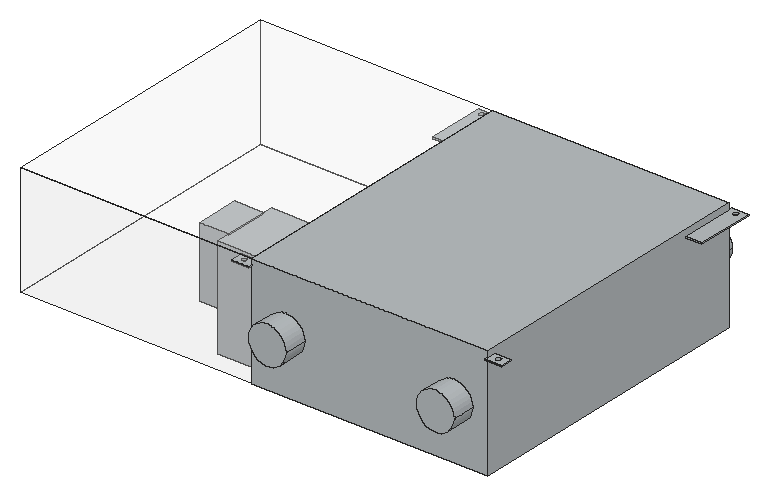
Revit family "2_天井埋込形 標準機種 100-200V_50Hz", category 機械設備, Revit 2019
Family settings
  丸型コネクタ寸法 = 直径を使用
  パーツ タイプ = 割り込み
  OmniClass 番号 = 23.75.10.34.21
  OmniClass タイトル = Heat Exchangers for Ventilation Air
  作業面ベース = いいえ
  常に垂直 = はい
  ロード時にボイドで切り取り = いいえ
  共有 = いいえ
  部屋計算ポイント = はい
Parameters (values of type "LGH-RN15RXV")
  騒音レベル(dB(A)) = 31
  風量 = MAX風量  # 150.0 m³/h
  面風速 = 5.31 m/s
  電源種別 [instance] = "一般"
  電圧 = 100 V
  電動機出力 = 0 W
  集中コントローラ = ""
  運転質量 = 0.00 kg
  連動 [instance] = ""
  質量 = if(製品質量 > 運転質量, 製品質量, 運転質量) * 1.2  # 27.60 kg
  負荷分類 = 3_ファン類
  説明 = "業務用ロスナイ 天井埋込形 DCリプレースマイコン"
  設計風量 = 0.0 m³/h
  設置方法 = "天井吊(隠ぺい)形"
  記号 [instance] = ""
  製造元 = "三菱電機株式会社"
  製品質量 = 23.00 kg
  製品出荷対象 = "国内"
  製品リリース年月 = "2020年7月20日"
  製品グループ = ""
  系統 [instance] = ""
  符号 [instance] = "HEU"
  積算_科目 = "1 空気調和設備"
  積算_拾い区分 [instance] = ""
  相 = 1
  盤記号 [instance] = ""
  発停方法 [instance] = "別売リモコン"
  特殊仕様 [instance] = ""
  点検口高さ = -Height / 2  # -145 mm
  点検口 = yes
  火災停止 [instance] = ""
  温度交換効率_特強 = 74.00%
  温度交換効率_強 = 74.00%
  温度交換効率_弱 = 78.00%
  消費電力 = 85 W
  法定耐用年数 = "15"
  機外静圧_排気 = 210.0 Pa
  機外静圧 = 210.0 Pa
  極数 = 2
  材質 [instance] = ""
  本体マテリアル = 溶融亜鉛めっき鋼板
  操作・制御方式 = ""
  操作・制御スイッチ = ""
  排気量 = 0.0 m³/h
  形式 = "天井埋込ダクト形"
  形名 = LGH-RN-2 : LGH-RN15-2
  幹線記号 [instance] = ""
  対象室 [instance] = ""
  実風量 = 0.0 m³/h
  始動方式 [instance] = "直入"
  外気量 = 設計風量  # 0.0 m³/h
  呼称 = "全熱交換ユニット"
  周波数 = 50 Hz
  吊りボルト-W = 658 mm
  吊りボルト-D = 768 mm
  参照している仕様書等のバージョン = "公共建築工事標準仕様書（機械設備工事編）平成31年度版"
  初期抵抗 = 0.0 Pa
  分類コード = "50052504100070"
  分類グループ = ""
  価格 = 219000
  企業コード = "108420"
  付属品_フィルター_還気 = ""
  付属品_フィルター = ""
  付属品 [instance] = ""
  仕様書バージョン = "Version1.0"
  モデル = "LGH-RN15RXV"
  ドレン管径 = 0 mm
  OAダクト変更表示 = no
  EAダクト変更表示 = no
  サービススペース = yes
  コメント [instance] = ""
  Keynote = ""
  エンタルピ交換効率_暖房_特強 = 75.50%
  エンタルピ交換効率_暖房_強 = 75.50%
  エンタルピ交換効率_暖房_弱 = 79.00%
  エンタルピ交換効率_冷房_特強 = 64.50%
  エンタルピ交換効率_冷房_強 = 64.50%
  エンタルピ交換効率_冷房_弱 = 69.00%
  Width = 610 mm
  Version = ""
  Uniclass2015Version = "Systems v1.9"
  Uniclass2015Title = "Thermal wheels"
  Uniclass2015Code = "Pr_60_60_36_88"
  URL = "https://www.mitsubishielectric.co.jp/ldg/wink/ssl/displayProduct.do?pid=306603"
  SpecificationReference = ""
  SpecificationDescription = ""
  SMAX風量 = 150.0 m³/h
  SMAX静圧 = 210.0 Pa
  SAサイズ_D = 97.5 mm
  Revision = ""
  RAサイズ_D = 97.5 mm
  ProductInformation = ""
  OmniClassCode = "23-27 23 19 11"
  OAサイズ_W = 0 mm
  OAサイズ_D = 97.5 mm
  MIN風量 = 66.0 m³/h
  MIN静圧 = 35.0 Pa
  MID風量 = 108.0 m³/h
  MID静圧 = 93.0 Pa
  MAX風量 = 150.0 m³/h
  MAX静圧 = 180.0 Pa
  M = 59 mm
  IfcTypeProduct = ""
  IfcProduct = ""
  IfcExportType = "ROTARYWHEEL"
  IfcExportAs = "IfcAirToAirHeatRecoveryType"
  Height = 290 mm
  EAサイズ_W = 0 mm
  EAサイズ_D = 97.5 mm
  Depth = 780 mm
  Clearance Top = 0 mm  # constant formula
  Clearance Right = 0 mm  # constant formula
  Clearance Left = 600 mm  # constant formula
  Clearance Front = 0 mm  # constant formula
  Clearance Bottom = 0 mm  # constant formula
  Clearance Back = 0 mm  # constant formula
  Author = "三菱電機株式会社"
Types (14, lengths in mm): name | 騒音レベル(dB(A)) | 風量 | 面風速 | 電圧 | 質量 | 製品質量 | 点検口高さ | 温度交換効率_特強 | 温度交換効率_強 | 温度交換効率_弱 | 消費電力 | 機外静圧_排気 | 機外静圧 | 極数 | 形名 | 吊りボルト-W | 吊りボルト-D | 参照している仕様書等のバージョン | 価格 | モデル | エンタルピ交換効率_暖房_特強 | エンタルピ交換効率_暖房_強 | エンタルピ交換効率_暖房_弱 | エンタルピ交換効率_冷房_特強 | エンタルピ交換効率_冷房_強 | エンタルピ交換効率_冷房_弱 | Width | URL | SMAX風量 | SMAX静圧 | SAサイズ_D | RAサイズ_D | OAサイズ_D | MIN風量 | MIN静圧 | MID風量 | MID静圧 | MAX風量 | MAX静圧 | M | Height | EAサイズ_D | Depth
  LGH-RN15RXV | 31 | 150.0 m³/h | 5.31 m/s | 100 V | 27.60 kg | 23.00 kg | -145 | 74.00% | 74.00% | 78.00% | 85 W | 210.0 Pa | 210.0 Pa | 2 | LGH-RN-2 : LGH-RN15-2 | 658 | 768 | "公共建築工事標準仕様書（機械設備工事編）平成31年度版" | 219000 | "LGH-RN15RXV" | 75.50% | 75.50% | 79.00% | 64.50% | 64.50% | 69.00% | 610 | "https://www.mitsubishielectric.co.jp/ldg/wink/ssl/displayProduct.do?pid=306603" | 150.0 m³/h | 210.0 Pa | 97.5 | 97.5 | 97.5 | 66.0 m³/h | 35.0 Pa | 108.0 m³/h | 93.0 Pa | 150.0 m³/h | 180.0 Pa | 59 | 290 | 97.5 | 780
  LGH-RN15RXVD | 31 | 150.0 m³/h | 5.31 m/s | 200 V | 27.60 kg | 23.00 kg | -145 | 74.00% | 74.00% | 78.00% | 85 W | 210.0 Pa | 210.0 Pa | 3 | LGH-RN-2 : LGH-RN15-2 | 658 | 768 | "公共建築工事標準仕様書（機械設備工事編）平成31年度版" | 219000 | "LGH-RN15RXVD" | 75.50% | 75.50% | 79.00% | 64.50% | 64.50% | 69.00% | 610 | "https://www.mitsubishielectric.co.jp/ldg/wink/ssl/displayProduct.do?pid=306604" | 150.0 m³/h | 210.0 Pa | 97.5 | 97.5 | 97.5 | 66.0 m³/h | 35.0 Pa | 108.0 m³/h | 93.0 Pa | 150.0 m³/h | 180.0 Pa | 59 | 290 | 97.5 | 780
  LGH-RN25RXV | 30 | 250.0 m³/h | 3.93 m/s | 100 V | 28.80 kg | 24.00 kg | -145 | 70.00% | 70.00% | 78.00% | 110 W | 170.0 Pa | 170.0 Pa | 2 | LGH-RN-2 : LGH-RN25-2 | 782 | 768 | "公共建築工事標準仕様書（機械設備工事編）平成31年度版" | 240000 | "LGH-RN25RXV" | 73.00% | 73.00% | 78.50% | 63.00% | 63.00% | 68.50% | 735 | "https://www.mitsubishielectric.co.jp/ldg/wink/ssl/displayProduct.do?pid=306606" | 250.0 m³/h | 170.0 Pa | 142 | 142 | 142 | 110.0 m³/h | 28.0 Pa | 180.0 m³/h | 75.0 Pa | 250.0 m³/h | 145.0 Pa | 69 | 290 | 142 | 780
  LGH-RN25RXVD | 30 | 250.0 m³/h | 3.93 m/s | 200 V | 28.80 kg | 24.00 kg | -145 | 70.00% | 70.00% | 78.00% | 110 W | 170.0 Pa | 170.0 Pa | 3 | LGH-RN-2 : LGH-RN25-2 | 782 | 768 | "公共建築工事標準仕様書（機械設備工事編）平成31年度版" | 240000 | "LGH-RN25RXVD" | 73.00% | 73.00% | 78.50% | 63.00% | 63.00% | 68.50% | 735 | "https://www.mitsubishielectric.co.jp/ldg/wink/ssl/displayProduct.do?pid=306607" | 250.0 m³/h | 170.0 Pa | 142 | 142 | 142 | 110.0 m³/h | 28.0 Pa | 180.0 m³/h | 75.0 Pa | 250.0 m³/h | 145.0 Pa | 69 | 290 | 142 | 780
  LGH-RN35RXV | 33 | 350.0 m³/h | 5.5 m/s | 100 V | 39.60 kg | 33.00 kg | -165 | 71.50% | 71.50% | 75.00% | 210 W | 300.0 Pa | 300.0 Pa | 2 | LGH-RN-2 : LGH-RN35-2 | 921 | 875 | "公共建築工事標準仕様書（機械設備工事編）平成31年度版" | 265000 | "LGH-RN35RXV" | 74.50% | 74.50% | 78.50% | 65.50% | 65.50% | 66.50% | 875 | "https://www.mitsubishielectric.co.jp/ldg/wink/ssl/displayProduct.do?pid=306608" | 350.0 m³/h | 300.0 Pa | 142 | 142 | 142 | 154.0 m³/h | 36.0 Pa | 252.0 m³/h | 96.0 Pa | 350.0 m³/h | 185.0 Pa | 69 | 330 | 142 | 890
  LGH-RN35RXVD | 33 | 350.0 m³/h | 5.5 m/s | 200 V | 39.60 kg | 33.00 kg | -165 | 71.50% | 71.50% | 75.00% | 210 W | 300.0 Pa | 300.0 Pa | 3 | LGH-RN-2 : LGH-RN35-2 | 921 | 875 | "公共建築工事標準仕様書（機械設備工事編）平成31年度版" | 265000 | "LGH-RN35RXVD" | 74.50% | 74.50% | 78.50% | 65.50% | 65.50% | 66.50% | 875 | "https://www.mitsubishielectric.co.jp/ldg/wink/ssl/displayProduct.do?pid=306609" | 350.0 m³/h | 300.0 Pa | 142 | 142 | 142 | 154.0 m³/h | 36.0 Pa | 252.0 m³/h | 96.0 Pa | 350.0 m³/h | 185.0 Pa | 69 | 330 | 142 | 890
  LGH-RN50RXV | 37 | 500.0 m³/h | 4.42 m/s | 100 V | 44.40 kg | 37.00 kg | -165 | 71.00% | 71.00% | 75.00% | 315 W | 310.0 Pa | 310.0 Pa | 2 | LGH-RN-2 : LGH-RN50-2 | 1063 | 875 | "公共建築工事標準仕様書（機械設備工事編）平成31年度版" | 326000 | "LGH-RN50RXV" | 73.00% | 73.00% | 77.50% | 63.00% | 63.00% | 66.50% | 1020 | "https://www.mitsubishielectric.co.jp/ldg/wink/ssl/displayProduct.do?pid=306610" | 500.0 m³/h | 310.0 Pa | 192 | 192 | 192 | 220.0 m³/h | 37.0 Pa | 360.0 m³/h | 98.0 Pa | 500.0 m³/h | 190.0 Pa | 84 | 330 | 192 | 890
  LGH-RN50RXVD | 37 | 500.0 m³/h | 4.42 m/s | 200 V | 44.40 kg | 37.00 kg | -165 | 71.00% | 71.00% | 75.00% | 315 W | 310.0 Pa | 310.0 Pa | 3 | LGH-RN-2 : LGH-RN50-2 | 1063 | 875 | "公共建築工事標準仕様書（機械設備工事編）平成31年度版" | 326000 | "LGH-RN50RXVD" | 73.00% | 73.00% | 77.50% | 63.00% | 63.00% | 66.50% | 1020 | "https://www.mitsubishielectric.co.jp/ldg/wink/ssl/displayProduct.do?pid=306611" | 500.0 m³/h | 310.0 Pa | 192 | 192 | 192 | 220.0 m³/h | 37.0 Pa | 360.0 m³/h | 98.0 Pa | 500.0 m³/h | 190.0 Pa | 84 | 330 | 192 | 890
  LGH-RN65RXV | 40 | 650.0 m³/h | 5.75 m/s | 100 V | 51.60 kg | 43.00 kg | -202 | 71.50% | 71.50% | 76.00% | 445 W | 320.0 Pa | 320.0 Pa | 2 | LGH-RN-2 : LGH-RN65-2 | 1001 | 895 | "公共建築工事標準仕様書（機械設備工事編）平成31年度版" | 436000 | "LGH-RN65RXV" | 72.00% | 72.00% | 76.00% | 63.00% | 63.00% | 67.00% | 892 | "https://www.mitsubishielectric.co.jp/ldg/wink/ssl/displayProduct.do?pid=306612" | 650.0 m³/h | 320.0 Pa | 192 | 192 | 192 | 286.0 m³/h | 45.0 Pa | 468.0 m³/h | 119.0 Pa | 650.0 m³/h | 230.0 Pa | 84 | 404 | 192 | 984
  LGH-RN65RXVD | 40 | 650.0 m³/h | 5.75 m/s | 200 V | 51.60 kg | 43.00 kg | -202 | 71.50% | 71.50% | 76.00% | 445 W | 320.0 Pa | 320.0 Pa | 3 | LGH-RN-2 : LGH-RN65-2 | 1001 | 895 | "公共建築工事標準仕様書（機械設備工事編）平成31年度版" | 436000 | "LGH-RN65RXVD" | 72.00% | 72.00% | 76.00% | 63.00% | 63.00% | 67.00% | 892 | "https://www.mitsubishielectric.co.jp/ldg/wink/ssl/displayProduct.do?pid=306613" | 650.0 m³/h | 320.0 Pa | 192 | 192 | 192 | 286.0 m³/h | 45.0 Pa | 468.0 m³/h | 119.0 Pa | 650.0 m³/h | 230.0 Pa | 84 | 404 | 192 | 984
  LGH-RN80RXV | 40 | 800.0 m³/h | 4.53 m/s | 100 V | 63.60 kg | 53.00 kg | -202 | 73.00% | 73.00% | 76.50% | 540 W | 310.0 Pa | 310.0 Pa | 2 | LGH-RN-2 : LGH-RN80-2 | 1051 | 1131 | "公共建築工事標準仕様書（機械設備工事編）平成31年度版" | 520000 | "LGH-RN80RXV" | 75.00% | 75.00% | 78.00% | 65.00% | 65.00% | 68.00% | 1004 | "https://www.mitsubishielectric.co.jp/ldg/wink/ssl/displayProduct.do?pid=306614" | 800.0 m³/h | 310.0 Pa | 242 | 242 | 242 | 352.0 m³/h | 37.0 Pa | 576.0 m³/h | 98.0 Pa | 800.0 m³/h | 190.0 Pa | 84 | 404 | 242 | 1144
  LGH-RN80RXVD | 40 | 800.0 m³/h | 4.53 m/s | 200 V | 63.60 kg | 53.00 kg | -202 | 73.00% | 73.00% | 76.50% | 540 W | 310.0 Pa | 310.0 Pa | 3 | LGH-RN-2 : LGH-RN80-2 | 1051 | 1131 | "公共建築工事標準仕様書（機械設備工事編）平成31年度版" | 520000 | "LGH-RN80RXVD" | 75.00% | 75.00% | 78.00% | 65.00% | 65.00% | 68.00% | 1004 | "https://www.mitsubishielectric.co.jp/ldg/wink/ssl/displayProduct.do?pid=306615" | 800.0 m³/h | 310.0 Pa | 242 | 242 | 242 | 352.0 m³/h | 37.0 Pa | 576.0 m³/h | 98.0 Pa | 800.0 m³/h | 190.0 Pa | 84 | 404 | 242 | 1144
  LGH-RN100RXV | 38 | 1000.0 m³/h | 5.66 m/s | 100 V | 69.60 kg | 58.00 kg | -202 | 73.00% | 73.00% | 75.00% | 580 W | 225.0 Pa | 225.0 Pa | 2 | LGH-RN-2 : LGH-RN100-2 | 1278 | 1131 | "" | 592000 | "LGH-RN100RXV" | 75.00% | 75.00% | 76.50% | 65.00% | 65.00% | 67.50% | 1231 | "https://www.mitsubishielectric.co.jp/ldg/wink/ssl/displayProduct.do?pid=306600" | 1000.0 m³/h | 225.0 Pa | 242 | 242 | 242 | 440.0 m³/h | 32.0 Pa | 720.0 m³/h | 86.0 Pa | 1000.0 m³/h | 165.0 Pa | 84 | 404 | 242 | 1144
  LGH-RN100RXVD | 38 | 1000.0 m³/h | 5.66 m/s | 200 V | 69.60 kg | 58.00 kg | -202 | 73.00% | 73.00% | 75.00% | 580 W | 225.0 Pa | 225.0 Pa | 3 | LGH-RN-2 : LGH-RN100-2 | 1278 | 1131 | "" | 592000 | "LGH-RN100RXVD" | 75.00% | 75.00% | 76.50% | 65.00% | 65.00% | 67.50% | 1231 | "https://www.mitsubishielectric.co.jp/ldg/wink/ssl/displayProduct.do?pid=306601" | 1000.0 m³/h | 225.0 Pa | 242 | 242 | 242 | 440.0 m³/h | 32.0 Pa | 720.0 m³/h | 86.0 Pa | 1000.0 m³/h | 165.0 Pa | 84 | 404 | 242 | 1144
Reference planes
  plane 1 "中心(正面/背面)": y = 0
  plane 2: z = 0
  plane 3 "中心(左/右)": x = 0
  plane 4 "4": x = 0
  plane 5 "3": x = 0
  plane 6 "左": x = -305
  plane 7 "右": x = 305
  plane 8 "背面": y = 390
  plane 9 "正面": y = -390
  plane 10: z = 145
  plane 11: y = 384
  plane 12: y = -384
  plane 13: x = 329
  plane 14: x = -329
  plane 15: z = -145
  plane 16: y = 390
  plane 17: y = -390
  plane 18: x = 305
  plane 19: x = -905
  plane 20: z = 145
  plane 21: z = -145
  plane 22: y = 225
  plane 23: y = -225
  plane 24: x = -455
Dimensions and locks
  equal spacing: plane 6 "左", plane 5 "3", plane 7 "右"
  "Width": plane 6 "左" to plane 7 "右"
  equal spacing: plane 9 "正面", plane 1 "中心(正面/背面)", plane 8 "背面"
  "Depth": plane 9 "正面" to plane 8 "背面"
  equal spacing: plane 10, level, plane 15
  "Height": plane 10 to plane 15
  equal spacing: plane 14, plane 5 "3", plane 13
  "吊りボルト-W": plane 14 to plane 13
  equal spacing: plane 12, plane 1 "中心(正面/背面)", plane 11
  "吊りボルト-D": plane 12 to plane 11
  "Clearance Front": plane 17 to plane 9 "正面"
  "Clearance Back": plane 8 "背面" to plane 16
  "Clearance Right": plane 7 "右" to plane 18
  "Clearance Left": plane 19 to plane 6 "左"
  "Clearance Bottom": plane 15 to plane 21
  "Clearance Top": plane 20 to plane 10
  plane 17 to plane 9 "正面" = 0 mm
  equal spacing: plane 22, plane 1 "中心(正面/背面)", plane 23
  locked: plane 22 to plane 23 at 450
  locked: plane 19 to plane 24 at 450
  aligned and locked: level to plane 2
  aligned and locked: nested 1 to plane 11
  aligned and locked: plane 12 to nested 1
  aligned and locked: plane 14 to nested 1
  aligned and locked: plane 13 to nested 1
  aligned and locked: plane 10 to nested 2
  aligned and locked: plane 19 to nested 3
  aligned and locked: plane 20 to nested 3
  aligned and locked: plane 21 to nested 3
  aligned and locked: plane 17 to nested 3
  aligned and locked: plane 16 to nested 3
  aligned and locked: plane 6 "左" to nested 3
  aligned and locked: nested 2 to plane 5 "3"
  aligned and locked: plane 1 "中心(正面/背面)" to nested 2
  aligned and locked: plane 24 to nested 4
  aligned and locked: plane 19 to nested 4
  aligned and locked: plane 23 to nested 4
  aligned and locked: plane 22 to nested 4
Nested families
  nested 1: "固定点" at (-329, -384, 0), type "固定点"
    with W 658 mm, D 768 mm
  nested 2: "LGH-RN-2" at (0, 0, -145) x (0, -1, 0) z (0, 0, 1), type <- "形名", type "LGH-RN15-2"
    with EA一般 yes, EA変更 no
  nested 3: "サービススペース" at (-605, 0, 0), visible <- "サービススペース", type "サービススペース"
    with Width 600 mm, Height 290 mm, Depth 780 mm
  nested 4: "点検口設置範囲" at (-680, 0, -145), built-in parameter 1001364 <- "点検口高さ", visible <- "点検口", type "点検口設置範囲"
    with Width 450 mm, Depth 450 mm
Connectors
  hvac at (-217.5, -449, 0), driven by "SAサイズ_D", driven by "機外静圧", driven by "風量"
    settings: on nested 2, index 2, duct flow 150.0 m³/h, flow factor 0, pres drop 210.0 Pa, loss coef 0, conn angle 0.00°, conn width 304.8 mm, conn height 304.8 mm, conn diameter 97.5 mm, duct sys type 1, conn prof type 0, flow config 0, flow direction 2, loss method 4, conn ref index -1, conn util no, is conn primary yes, conn desc ""
  hvac at (217.5, -449, 0), driven by "RAサイズ_D", driven by "機外静圧", driven by "風量"
    settings: on nested 2, index 3, duct flow 150.0 m³/h, flow factor 0, pres drop 210.0 Pa, loss coef 0, conn angle 0.00°, conn width 304.8 mm, conn height 304.8 mm, conn diameter 97.5 mm, duct sys type 2, conn prof type 0, flow config 0, flow direction 1, loss method 4, conn ref index -1, conn util no, is conn primary no, conn desc ""
  hvac at (-217.5, 449, 0), driven by "EAサイズ_D", driven by "機外静圧", driven by "排気量"
    settings: on nested 2, index 4, duct flow 0.0 m³/h, flow factor 0, pres drop 210.0 Pa, loss coef 0, conn angle 0.00°, conn width 304.8 mm, conn height 304.8 mm, conn diameter 97.5 mm, duct sys type 3, conn prof type 0, flow config 0, flow direction 2, loss method 4, conn ref index -1, conn util no, is conn primary no, conn desc ""
  hvac at (-217.5, 449, 0), driven by "OAサイズ_D", driven by "機外静圧", driven by "外気量"
    settings: on nested 2, index 5, duct flow 0.0 m³/h, flow factor 0, pres drop 210.0 Pa, loss coef 0, conn angle 0.00°, conn width 304.8 mm, conn height 304.8 mm, conn diameter 97.5 mm, duct sys type 4, conn prof type 0, flow config 0, flow direction 1, loss method 4, conn ref index -1, conn util no, is conn primary no, conn desc ""
  hvac at (364, 272, 0), driven by "EAサイズ_D", driven by "機外静圧", driven by "排気量"
    settings: on nested 2, index 7, duct flow 0.0 m³/h, flow factor 0, pres drop 210.0 Pa, loss coef 0, conn angle 0.00°, conn width 304.8 mm, conn height 304.8 mm, conn diameter 97.5 mm, duct sys type 3, conn prof type 0, flow config 0, flow direction 2, loss method 4, conn ref index -1, conn util no, is conn primary no, conn desc ""
  hvac at (-364, 272, 0), driven by "OAサイズ_D", driven by "機外静圧", driven by "外気量"
    settings: on nested 2, index 8, duct flow 0.0 m³/h, flow factor 0, pres drop 210.0 Pa, loss coef 0, conn angle 0.00°, conn width 304.8 mm, conn height 304.8 mm, conn diameter 97.5 mm, duct sys type 4, conn prof type 0, flow config 0, flow direction 1, loss method 4, conn ref index -1, conn util no, is conn primary no, conn desc ""
  hvac at (217.5, 449, 0), driven by "EAサイズ_D", driven by "機外静圧", driven by "排気量"
    settings: on nested 2, index 9, duct flow 0.0 m³/h, flow factor 0, pres drop 210.0 Pa, loss coef 0, conn angle 0.00°, conn width 304.8 mm, conn height 304.8 mm, conn diameter 97.5 mm, duct sys type 3, conn prof type 0, flow config 0, flow direction 2, loss method 4, conn ref index -1, conn util no, is conn primary no, conn desc ""
  electrical at (-362.5, -357, -0.5), driven by "極数", driven by "負荷分類", driven by "電圧", driven by "消費電力"
    settings: on nested 2, index 10, voltage 100 V, apparent load 85 VA, apparent load phase1 0 VA, apparent load phase2 0 VA, apparent load phase3 0 VA, power factor 1, load classification "3_ファン類", number of poles 2, system type 30, power factor state 1, is connector primary yes, connector utility no, sub classification motor no, connector description ""
Definition of nested family "LGH-RN-2"
  Parameters (values of type "LGH-RN15-2")
    吊りボルト-φ = 13 mm
    吊りボルト-W1 = 768 mm
    吊りボルト-D1 = 658 mm
    マテリアル = none
    ダクト間 = 435 mm
    ダクト変更位置 = 118 mm
    OA一般 = not(OA変更)  # yes
    OA変更 = no
    EA一般 = not(EA変更)  # no
    EA変更 = yes
    コントロール手前位置 = 33 mm
    コントロール上位置 = 15 mm
    φ = 97.5 mm
    Φ = 110 mm
    吊りボルト-H = 15 mm
    M = 59 mm
    W = 780 mm
    H = 290 mm
    D = 610 mm
    CO2センサー手前位置 = 69 mm
    CO2センサー上位置 = 14 mm
  Types (7, lengths in mm): name | 吊りボルト-W1 | 吊りボルト-D1 | ダクト間 | ダクト変更位置 | コントロール手前位置 | コントロール上位置 | φ | Φ | 吊りボルト-H | M | W | H | D | CO2センサー手前位置 | CO2センサー上位置
    LGH-RN100-2 | 1131 | 1278 | 917 | 165 | 146 | 88 | 242 | 258 | 15 | 84 | 1144 | 404 | 1231 | 182 | 87
    LGH-RN80-2 | 1131 | 1051 | 690 | 165 | 146 | 88 | 242 | 258 | 15 | 84 | 1144 | 404 | 1004 | 182 | 87
    LGH-RN65-2 | 895 | 1001 | 620 | 122 | 71 | 57 | 192 | 208 | 15 | 84 | 984 | 404 | 892 | 107 | 56
    LGH-RN35-2 | 875 | 921 | 600 | 140 | 68 | 23 | 142 | 160 | 19 | 69 | 890 | 330 | 875 | 104 | 22
    LGH-RN25-2 | 768 | 782 | 520 | 118 | 33 | 15 | 142 | 160 | 15 | 69 | 780 | 290 | 735 | 69 | 14
    LGH-RN50-2 | 875 | 1063 | 700 | 130 | 68 | 23 | 192 | 208 | 19 | 84 | 890 | 330 | 1020 | 104 | 22
    LGH-RN15-2 | 768 | 658 | 435 | 118 | 33 | 15 | 97.5 | 110 | 15 | 59 | 780 | 290 | 610 | 69 | 14
  Reference planes
    plane 1 "中心(正面/背面)": y = 0
    plane 2: z = 0
    plane 3 "中心(左/右)": x = 0
    plane 4: y = 305
    plane 5: y = 329
    plane 6: y = 349
    plane 7: y = -305
    plane 8: y = -329
    plane 9: y = -349
    plane 10: x = -390
    plane 11: x = 390
    plane 12: z = 290
    plane 13: x = -213
    plane 14: x = 449
    plane 15: x = -449
    plane 16: z = 145
    plane 17: y = 217.5
    plane 18: y = -217.5
    plane 19: x = -384
    plane 20: x = 384
    plane 21: x = 130
    plane 22: x = -130
    plane 23: y = -420
    plane 24: y = -495
    plane 25: x = 357
    plane 26: x = 381.333
    plane 27: x = 182
    plane 28: z = 241.667
    plane 29: z = 193.333
    plane 30: z = 96.667
    plane 31: z = 48.333
    plane 32: x = 321
    plane 33: x = 208
    plane 34: x = -399
    plane 35: x = 399
    plane 36: x = 369
    plane 37: x = -249
    plane 38: z = 275
    plane 39: z = 272
    plane 40: z = 275
    plane 41: z = 276
    plane 42: z = 94
    plane 43: z = 14
    plane 44: x = -272
    plane 45: y = -364
    plane 46: y = 364
  Forms (mm)
    Extrusion 1, solid, material <- "マテリアル", detail levels fine
      sketch origin (0, 0, 0) x (1, 0, 0) y (0, 1, 0)
        loop
          line (-390, 305) -> (-390, -305) -> (390, -305) -> (390, 305) -> (-390, 305)
      from 0 to 290
    Extrusion 2, solid, material <- "マテリアル", visible <- "OA一般", detail levels fine
      sketch origin (0, 0, 0) x (0, 1, 0) y (0, 0, 1)
        loop
          circle (-217.5, 145) r 48.75
      from -390 to -449
    Extrusion 3, solid, material <- "マテリアル", detail levels fine
      sketch origin (0, 0, 0) x (0, 1, 0) y (0, 0, -1)
        loop
          circle (-217.5, -145) r 48.75
        loop
          circle (217.5, -145) r 48.75
      from -390 to -449
    Extrusion 4, solid, material <- "マテリアル", detail levels fine
      sketch origin (0, 0, 0) x (1, 0, 0) y (0, 0, 1)
        loop
          line (182, 275) -> (182, 14) -> (357, 14) -> (357, 275) -> (182, 275)
      from 305 to 420
    Extrusion 5, solid, material <- "マテリアル", detail levels fine
      sketch origin (0, 0, 0) x (1, 0, 0) y (0, 0, 1)
        loop
          line (208, 276) -> (208, 94) -> (321, 94) -> (321, 276) -> (208, 276)
      from 420 to 495
    Extrusion 6, solid, material <- "マテリアル", detail levels fine
      sketch origin (0, 0, 0) x (1, 0, 0) y (0, 1, 0)
        loop
          line (-399, 349) -> (-399, 305) -> (-249, 305) -> (-249, 349) -> (-399, 349)
        loop
          line (-399, -305) -> (-399, -349) -> (-249, -349) -> (-249, -305) -> (-399, -305)
        loop
          line (369, 349) -> (369, 305) -> (399, 305) -> (399, 349) -> (369, 349)
        loop
          line (369, -349) -> (399, -349) -> (399, -305) -> (369, -305) -> (369, -349)
        loop
          circle (-384, 329) r 6.5
        loop
          circle (384, 329) r 6.5
        loop
          circle (-384, -329) r 6.5
        loop
          circle (384, -329) r 6.5
      from 272 to 275
    Extrusion 7, solid, material <- "マテリアル", visible <- "OA変更", detail levels fine
      sketch origin (0, 0, 0) x (1, 0, 0) y (0, 0, 1)
        loop
          circle (-272, 145) r 48.75
      from 305 to 364
    Extrusion 8, solid, material <- "マテリアル", visible <- "EA変更", detail levels fine
      sketch origin (0, 0, 0) x (1, 0, 0) y (0, 0, -1)
        loop
          circle (-272, -145) r 48.75
      from 305 to 364
    Extrusion 9, solid, material <- "マテリアル", visible <- "EA一般", detail levels fine
      sketch origin (0, 435, 0) x (0, 1, 0) y (0, 0, 1)
        loop
          circle (-217.5, 145) r 48.75
      from -390 to -449
  Dimensions and locks
    "W": plane 10 to plane 11
    "吊りボルト-D1": plane 8 to plane 5
    "D": plane 7 to plane 4
    equal spacing: plane 7, plane 1 "中心(正面/背面)", plane 4
    equal spacing: plane 10, plane 3 "中心(左/右)", plane 11
    "H": plane 12 to level
    "M": plane 15 to plane 10
    "M": plane 11 to plane 14
    equal spacing: plane 8, plane 1 "中心(正面/背面)", plane 5
    equal spacing: plane 18, plane 1 "中心(正面/背面)", plane 17
    "ダクト間": plane 18 to plane 17
    equal spacing: plane 19, plane 3 "中心(左/右)", plane 20
    "吊りボルト-W1": plane 19 to plane 20
    plane 15 to plane 14 = 898 mm
    equal spacing: plane 10, plane 22, plane 21, plane 11
    plane 11 to plane 21 to plane 22 to plane 10 = 260 mm, 260 mm, 260 mm
    locked: plane 23 to plane 7 at 115
    locked: plane 24 to plane 7 at 190
    equal spacing: plane 12, plane 28, plane 29, plane 16, plane 30, plane 31, level
    locked: plane 5 to plane 6 at 20
    locked: plane 9 to plane 8 at 20
    locked: plane 38 to plane 39 at 3
    "吊りボルト-H": plane 12 to plane 38
    locked: plane 19 to plane 37 at 135
    locked: plane 36 to plane 20 at 15
    locked: plane 34 to plane 10 at 9
    locked: plane 11 to plane 35 at 9
    locked: plane 33 to plane 32 at 113
    locked: plane 27 to plane 25 at 175
    "CO2センサー手前位置": plane 32 to plane 11
    "コントロール手前位置": plane 25 to plane 11
    "コントロール上位置": plane 12 to plane 40
    locked: plane 40 to plane 43 at 261
    "CO2センサー上位置": plane 12 to plane 41
    locked: plane 41 to plane 42 at 182
    "ダクト変更位置": plane 10 to plane 44
    "M": plane 45 to plane 7
    "M": plane 4 to plane 46
    "φ": diameter of Extrusion 2 sketch curve
    "φ": diameter of Extrusion 3 sketch curve  (x2)
    "吊りボルト-φ": diameter of Extrusion 6 sketch curve  (x4)
    "φ": diameter of Extrusion 7 sketch curve
    "φ": diameter of Extrusion 8 sketch curve
    "φ": diameter of Extrusion 9 sketch curve
    aligned and locked: level to plane 2
    aligned and locked: plane 4 to Extrusion 1 sketch curve
    aligned and locked: plane 10 to Extrusion 1 sketch curve
    aligned and locked: Extrusion 1 sketch curve to plane 7
    aligned and locked: Extrusion 1 sketch curve to plane 11
    aligned and locked: plane 12 to Extrusion 1
    aligned and locked: plane 16 to Extrusion 2 sketch curve
    aligned and locked: Extrusion 2 to plane 15
    aligned and locked: plane 14 to Extrusion 3
    aligned and locked: plane 18 to Extrusion 3 sketch curve
    aligned and locked: plane 16 to Extrusion 3 sketch curve  (x2)
    aligned and locked: plane 18 to Extrusion 2 sketch curve
    aligned and locked: plane 17 to Extrusion 3 sketch curve
    aligned and locked: Extrusion 4 sketch curve to plane 25
    aligned and locked: plane 27 to Extrusion 4 sketch curve
    aligned and locked: plane 33 to Extrusion 5 sketch curve
    aligned and locked: Extrusion 5 sketch curve to plane 32
    aligned and locked: plane 7 to Extrusion 4
    aligned and locked: plane 23 to Extrusion 4
    aligned and locked: plane 23 to Extrusion 5
    aligned and locked: plane 24 to Extrusion 5
    aligned and locked: plane 6 to Extrusion 6 sketch curve  (x2)
    aligned and locked: plane 34 to Extrusion 6 sketch curve  (x2)
    aligned and locked: Extrusion 6 sketch curve to plane 4  (x2)
    aligned and locked: Extrusion 6 sketch curve to plane 37  (x2)
    aligned and locked: plane 7 to Extrusion 6 sketch curve
    aligned and locked: Extrusion 6 sketch curve to plane 9
    aligned and locked: Extrusion 6 sketch curve to plane 35
    aligned and locked: plane 9 to Extrusion 6 sketch curve
    aligned and locked: Extrusion 6 sketch curve to plane 7
    aligned and locked: plane 35 to Extrusion 6 sketch curve
    aligned and locked: plane 8 to Extrusion 6 sketch curve  (x2)
    aligned and locked: plane 5 to Extrusion 6 sketch curve  (x2)
    aligned and locked: plane 19 to Extrusion 6 sketch curve  (x2)
    aligned and locked: plane 20 to Extrusion 6 sketch curve  (x2)
    aligned and locked: Extrusion 6 to plane 39
    aligned and locked: plane 38 to Extrusion 6
    aligned and locked: Extrusion 6 sketch curve to plane 36  (x2)
    aligned and locked: plane 42 to Extrusion 5 sketch curve
    aligned and locked: Extrusion 5 sketch curve to plane 41
    aligned and locked: Extrusion 4 sketch curve to plane 40
    aligned and locked: plane 43 to Extrusion 4 sketch curve
    aligned and locked: plane 16 to Extrusion 7 sketch curve
    aligned and locked: plane 44 to Extrusion 7 sketch curve
    aligned and locked: plane 45 to Extrusion 7
    aligned and locked: plane 16 to Extrusion 8 sketch curve
    aligned and locked: plane 44 to Extrusion 8 sketch curve
    aligned and locked: Extrusion 8 to plane 46
    aligned and locked: Extrusion 9 to plane 15
    aligned and locked: plane 16 to Extrusion 9 sketch curve
    aligned and locked: plane 17 to Extrusion 9 sketch curve
    aligned and locked: Extrusion 3 to plane 11
    aligned and locked: plane 10 to Extrusion 2
    aligned and locked: plane 10 to Extrusion 9
    aligned and locked: plane 4 to Extrusion 8
    aligned and locked: Extrusion 7 to plane 7
Definition of nested family "サービススペース"
  Parameters (values of type "サービススペース")
    Width [instance] = 500 mm
    Height [instance] = 500 mm
    Depth [instance] = 500 mm
  Reference planes
    plane 1 "中心(正面/背面)": y = 0
    plane 2: z = 0
    plane 3 "中心(左/右)": x = 0
    plane 4: y = -250
    plane 5: x = 250
    plane 6: y = 250
    plane 7: x = -250
    plane 8: z = 250
    plane 9: z = -250
  Forms (mm)
    Extrusion 1, solid
      sketch origin (-638.939, 0, 72.39) x (1, 0, 0) y (0, 1, 0)
        loop
          line (388.939, 250) -> (388.939, -250) -> (888.939, -250) -> (888.939, 250) -> (388.939, 250)
      from -322.39 to 177.61
  Lines and regions (mm)
    symbolic lines
      curve 1: line (-250, 0, 250) -> (250, 0, 250)
      curve 2: line (-250, 0, -250) -> (-250, 0, 250)
      curve 3: line (250, 0, -250) -> (-250, 0, -250)
      curve 4: line (250, 0, 250) -> (250, 0, -250)
      curve 5: line (0, -250, 250) -> (0, 250, 250)
      curve 6: line (0, -250, -250) -> (0, -250, 250)
      curve 7: line (0, 250, -250) -> (0, -250, -250)
      curve 8: line (0, 250, 250) -> (0, 250, -250)
      curve 9: line (-250, 250, 0) -> (250, 250, 0)
      curve 10: line (-250, -250, 0) -> (-250, 250, 0)
      curve 11: line (250, -250, 0) -> (-250, -250, 0)
      curve 12: line (250, 250, 0) -> (250, -250, 0)
  Dimensions and locks
    equal spacing: plane 7, plane 3 "中心(左/右)", plane 5
    equal spacing: plane 4, plane 1 "中心(正面/背面)", plane 6
    "Depth": plane 4 to plane 6
    "Width": plane 7 to plane 5
    equal spacing: plane 8, plane 2, plane 9
    "Height": plane 8 to plane 9
    aligned and locked: plane 9 to curve 3
    aligned and locked: plane 7 to curve 2
    aligned and locked: curve 4 to plane 5
    aligned and locked: plane 5 to Extrusion 1
    aligned and locked: Extrusion 1 to plane 7
    aligned and locked: Extrusion 1 to plane 9
    aligned and locked: plane 8 to Extrusion 1
    aligned and locked: plane 9 to curve 7
  Automatic sketch dimensions
    plane 4 to Extrusion 1 sketch curve = 0 mm
    Extrusion 1 sketch curve to plane 7 = 0 mm
    Extrusion 1 sketch curve to plane 5 = 0 mm
    plane 6 to Extrusion 1 sketch curve = 0 mm
    curve 2 to plane 8 = 0 mm
    plane 4 to curve 11 = 0 mm
    curve 11 to plane 7 = 0 mm
    curve 11 to plane 5 = 0 mm
    plane 6 to curve 10 = 0 mm
    curve 7 to plane 4 = 0 mm
    curve 7 to plane 6 = 0 mm
    curve 6 to plane 8 = 0 mm
Definition of nested family "固定点"
  Parameters (values of type "固定点")
    中心円 = 11 mm
    W [instance] = 1000 mm
    D [instance] = 1000 mm
  Reference planes
    plane 1 "中心(正面/背面)": y = 0
    plane 2: z = 0
    plane 3 "中心(左/右)": x = 0
    plane 4: x = 1000
    plane 5: y = 1000
  Lines and regions (mm)
    symbolic lines, detail levels fine
      curve 1: circle (0, 1000, 0) r 5.5 normal (0, 0, 1)
      curve 2: circle (0, 0, 0) r 5.5 normal (0, 0, 1)
      curve 3: circle (1000, 1000, 0) r 5.5 normal (0, 0, 1)
      curve 4: circle (1000, 0, 0) r 5.5 normal (0, 0, 1)
      curve 5: line (-200, 1000, 0) -> (1200, 1000, 0)
      curve 6: line (-200, 0, 0) -> (1200, 0, 0)
      curve 7: line (0, 1200, 0) -> (0, -200, 0)
      curve 8: line (1000, 1200, 0) -> (1000, -200, 0)
  Dimensions and locks
    "W": plane 3 "中心(左/右)" to plane 4
    "D": plane 1 "中心(正面/背面)" to plane 5
    "中心円": diameter of curve 1
    "中心円": diameter of curve 2
    "中心円": diameter of curve 3
    "中心円": diameter of curve 4
    aligned and locked: level to plane 2
    aligned and locked: plane 5 to curve 1
    aligned and locked: plane 3 "中心(左/右)" to curve 1
    aligned and locked: plane 3 "中心(左/右)" to curve 2
    aligned and locked: plane 1 "中心(正面/背面)" to curve 2
    aligned and locked: plane 4 to curve 3
    aligned and locked: plane 5 to curve 3
    aligned and locked: plane 1 "中心(正面/背面)" to curve 4
    aligned and locked: plane 4 to curve 4
    aligned and locked: plane 1 "中心(正面/背面)" to curve 6
    aligned and locked: curve 7 to plane 3 "中心(左/右)"
    aligned and locked: curve 8 to plane 4
  Automatic sketch dimensions
    curve 5 to plane 5 = 0 mm
    curve 6 to plane 3 "中心(左/右)" = 200 mm
    curve 5 to plane 3 "中心(左/右)" = 200 mm
    curve 4 to curve 6 = 200 mm
    curve 3 to curve 5 = 200 mm
    plane 1 "中心(正面/背面)" to curve 8 = 200 mm
    plane 1 "中心(正面/背面)" to curve 7 = 200 mm
    curve 3 to curve 8 = 200 mm
    curve 1 to curve 7 = 200 mm
Definition of nested family "点検口設置範囲"
  Parameters (values of type "点検口設置範囲")
    Width [instance] = 1000 mm
    Depth [instance] = 700 mm
  Reference planes
    plane 1 "中心(正面/背面)": y = 0
    plane 2: z = 0
    plane 3 "中心(左/右)": x = 0
    plane 4: x = -500
    plane 5: x = 500
    plane 6: y = -350
    plane 7: y = 350
  Lines and regions (mm)
    model lines
      curve 1: line (-500, 350, 0) -> (500, 350, 0)
      curve 2: line (-500, -350, 0) -> (-500, 350, 0)
      curve 3: line (500, -350, 0) -> (-500, -350, 0)
      curve 4: line (500, 350, 0) -> (500, -350, 0)
  Dimensions and locks
    "Depth": plane 7 to plane 6
    "Width": plane 4 to plane 5
    equal spacing: plane 7, plane 1 "中心(正面/背面)", plane 6
    equal spacing: plane 4, plane 3 "中心(左/右)", plane 5
    aligned and locked: level to plane 2
    aligned and locked: plane 4 to curve 2
    aligned and locked: curve 1 to plane 7
    aligned and locked: curve 4 to plane 5
    aligned and locked: plane 6 to curve 3
